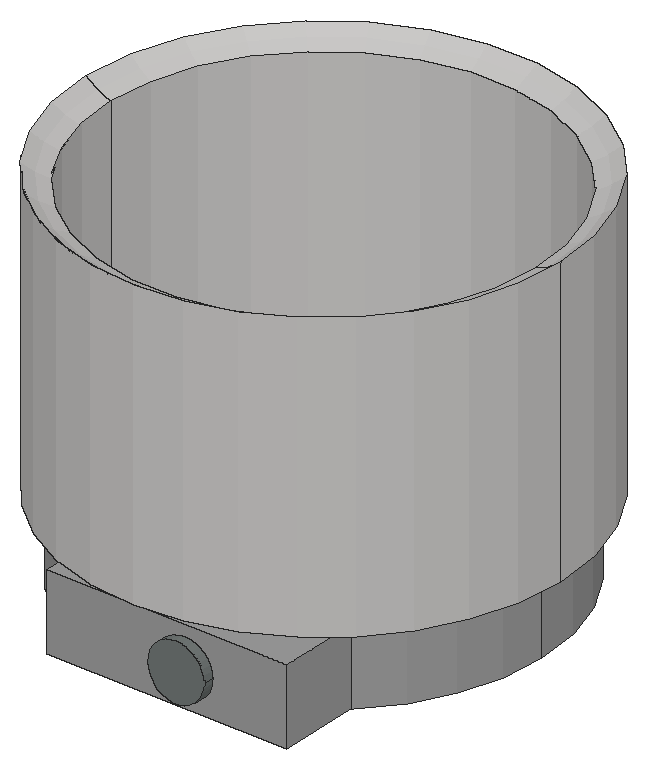
Revit family "QF_Vollrath 72521", category Specialty Equipment, Revit 2016
Family settings
  Part Type = Normal
  Round Connector Dimension = Use Diameter
  OmniClass Number = 23.40.40.11.21
  OmniClass Title = Hot Cabinets
  Work Plane-Based = No
  Always vertical = Yes
  Cut with Voids When Loaded = No
  Shared = No
  Room Calculation Point = No
Parameters (values of type "--")
  Width = 12.625"
  Weight in Pounds = 11.3
  Watts = 1450 W
  Watermarked By = "http://revitwatermark.com"
  Volts = 120 V
  URL Cutsheet = ""
  URL = "www.vollrathco.com"
  Status [instance] = ""
  Specification by User [instance] = ""
  Specification by Manufacturer = ""
  Serial Number [instance] = ""
  Seismic Rating [instance] = ""
  SMACNA No [instance] = ""
  Revision Code [instance] = ""
  Phase = 1
  Number of Poles [instance] = 1
  NAFEM Spec ID Number [instance] = ""
  Model = "72521"
  Masterspec = ""
  Manufacturer = "Vollrath"
  Item Number [instance] = ""
  Installed By [instance] = ""
  Height AFF [instance] = 18.75"
  Height [instance] = 9.625"
  Furnished By [instance] = ""
  Foodservice Equipment Identifier [instance] = yes
  FL Amps = 12 A
  Electrical Remarks [instance] = ""
  Electric Connection Type [instance] = ""
  Elec Conn RI Height [instance] = 0.00"
  Elec Conn Connection Height = 2.00"
  Description = "Warmer, Food Electric"
  Depth = 12.625"
  Cycle = 60 Hz
  Conn Plug = "NEMA 5-20P"
  CSI MasterFormat = "11 42 13"
  Assembly Code = "E1090320"
  Apparent Power = if(Phase = 3, Volts * FL Amps * 1.73, Volts * FL Amps)  # 1440 VA
Reference planes (in)
  plane 1: z = 0
  plane 2 "LEFT": x = 48
  plane 3 "BACK": y = -48
  plane 4 "BOTTOM": z = 18.75
  plane 5 "RIGHT": x = 60.625
  plane 6 "FRONT": y = -60.625
  plane 7: z = 26.5796
  plane 8 "TOP": z = 28.375
  plane 9: x = 58.52988
  plane 10: x = 50.8266
  plane 11: x = 50.99693
  plane 12: y = -65.45189
  plane 13: y = -65.50549
  plane 14: y = -66.38049
  plane 15: y = -66.44549
  plane 16: x = 56.69695
  plane 17: x = 54.3125
  plane 18: y = -54.3125
Forms (in)
  Extrusion 1, solid, material "QF_Finishes_Stainless Steel", not visible
    sketch origin (0, -75.61667, 13.94238) x (-1, 0, 0) y (0, 0.422618, 0.906308)
      loop
        line (-61.50401, 16.83949) -> (-49.55058, 16.83949) -> (-49.55058, 21.54291) -> (-61.50401, 21.54291) -> (-61.50401, 16.83949)
      loop
        circle (-51.11798, 19.07879) r 1.25
      loop
        circle (-51.11798, 19.07879) r 1
      loop
        line (-54.03077, 21.06689) -> (-57.03077, 21.06689) -> (-57.03077, 20.31689) -> (-54.03077, 20.31689) -> (-54.03077, 21.06689)
      loop
        circle (-54.03077, 17.5068) r 0.25
      loop
        circle (-56.78077, 17.5068) r 0.25
    from 0 to 0.68909
  Extrusion 2, solid, material "QF_Finishes_Black", not visible
    sketch origin (0, -75.54289, 2.05167) x (-1, 0, 0) y (0, 0.422618, 0.906308)
      loop
        circle (-51.11798, 29.82425) r 1.25
      loop
        circle (-51.11798, 29.82425) r 1
    from -5.0921 to -4.40301
  Extrusion 3, solid, material "QF_Finishes_Black", not visible
    sketch origin (0, -75.78725, 14.03463) x (-1, 0, 0) y (0, 0.406737, 0.913545)
      loop
        line (-57.03077, 21.03676) -> (-57.03077, 20.35703) -> (-54.03077, 20.35703) -> (-54.03077, 21.03676) -> (-57.03077, 21.03676)
      loop
        circle (-54.03077, 17.5068) r 0.25
      loop
        circle (-56.78077, 17.5068) r 0.25
    from 0.54411 to 1.25
  Extrusion 4, solid, material "QF_Finishes_Dark Grey", not visible
    sketch origin (0, -70.09177, 5.66795) x (-1, 0, 0) y (0, 0.422618, 0.906308)
      loop
        circle (-52.11896, 26.29929) r 0.25
      loop
        circle (-53.36896, 26.29929) r 0.25
      loop
        circle (-54.61896, 26.29929) r 0.25
      loop
        circle (-55.86896, 26.29929) r 0.25
      loop
        circle (-57.11896, 26.29929) r 0.25
      loop
        circle (-58.36896, 26.29929) r 0.25
    from 7.45399 to 7.92109
  Extrusion 5, solid, material "QF_Finishes_Stainless Steel", not visible
    sketch origin (0, -61.5, 0) x (-1, 0, 0) y (0, 0, 1)
      loop
        circle (-49.14244, 32.63817) r 0.1236
    from 0 to 12
  Extrusion 6, solid, material "QF_Finishes_Stainless Steel", not visible
    sketch origin (24.25, -61.5, 0) x (-1, 0, 0) y (0, 0, 1)
      loop
        circle (-49.14244, 32.63817) r 0.1236
    from 0 to 12
  Extrusion 7, solid, material "QF_Finishes_Stainless Steel", not visible
    sketch origin (0.75781, -61.5, 0) x (-1, 0, 0) y (0, 0, 1)
      loop
        circle (-49.14244, 32.63817) r 0.1236
    from 0 to 12
  Extrusion 8, solid, material "QF_Finishes_Stainless Steel", not visible
    sketch origin (1.51562, -61.5, 0) x (-1, 0, 0) y (0, 0, 1)
      loop
        circle (-49.14244, 32.63817) r 0.1236
    from 0 to 12
  Extrusion 9, solid, material "QF_Finishes_Stainless Steel", not visible
    sketch origin (2.27344, -61.5, 0) x (-1, 0, 0) y (0, 0, 1)
      loop
        circle (-49.14244, 32.63817) r 0.1236
    from 0 to 12
  Extrusion 10, solid, material "QF_Finishes_Stainless Steel", not visible
    sketch origin (3.03125, -61.5, 0) x (-1, 0, 0) y (0, 0, 1)
      loop
        circle (-49.14244, 32.63817) r 0.1236
    from 0 to 12
  Extrusion 11, solid, material "QF_Finishes_Stainless Steel", not visible
    sketch origin (3.78906, -61.5, 0) x (-1, 0, 0) y (0, 0, 1)
      loop
        circle (-49.14244, 32.63817) r 0.1236
    from 0 to 12
  Extrusion 12, solid, material "QF_Finishes_Stainless Steel", not visible
    sketch origin (4.54687, -61.5, 0) x (-1, 0, 0) y (0, 0, 1)
      loop
        circle (-49.14244, 32.63817) r 0.1236
    from 0 to 12
  Extrusion 13, solid, material "QF_Finishes_Stainless Steel", not visible
    sketch origin (5.30469, -61.5, 0) x (-1, 0, 0) y (0, 0, 1)
      loop
        circle (-49.14244, 32.63817) r 0.1236
    from 0 to 12
  Extrusion 14, solid, material "QF_Finishes_Stainless Steel", not visible
    sketch origin (6.0625, -61.5, 0) x (-1, 0, 0) y (0, 0, 1)
      loop
        circle (-49.14244, 32.63817) r 0.1236
    from 0 to 12
  Extrusion 15, solid, material "QF_Finishes_Stainless Steel", not visible
    sketch origin (6.82031, -61.5, 0) x (-1, 0, 0) y (0, 0, 1)
      loop
        circle (-49.14244, 32.63817) r 0.1236
    from 0 to 12
  Extrusion 16, solid, material "QF_Finishes_Stainless Steel", not visible
    sketch origin (7.57812, -61.5, 0) x (-1, 0, 0) y (0, 0, 1)
      loop
        circle (-49.14244, 32.63817) r 0.1236
    from 0 to 12
  Extrusion 17, solid, material "QF_Finishes_Stainless Steel", not visible
    sketch origin (8.33594, -61.5, 0) x (-1, 0, 0) y (0, 0, 1)
      loop
        circle (-49.14244, 32.63817) r 0.1236
    from 0 to 12
  Extrusion 18, solid, material "QF_Finishes_Stainless Steel", not visible
    sketch origin (9.09375, -61.5, 0) x (-1, 0, 0) y (0, 0, 1)
      loop
        circle (-49.14244, 32.63817) r 0.1236
    from 0 to 12
  Extrusion 19, solid, material "QF_Finishes_Stainless Steel", not visible
    sketch origin (9.85156, -61.5, 0) x (-1, 0, 0) y (0, 0, 1)
      loop
        circle (-49.14244, 32.63817) r 0.1236
    from 0 to 12
  Extrusion 20, solid, material "QF_Finishes_Stainless Steel", not visible
    sketch origin (10.60937, -61.5, 0) x (-1, 0, 0) y (0, 0, 1)
      loop
        circle (-49.14244, 32.63817) r 0.1236
    from 0 to 12
  Extrusion 21, solid, material "QF_Finishes_Stainless Steel", not visible
    sketch origin (11.36719, -61.5, 0) x (-1, 0, 0) y (0, 0, 1)
      loop
        circle (-49.14244, 32.63817) r 0.1236
    from 0 to 12
  Extrusion 22, solid, material "QF_Finishes_Stainless Steel", not visible
    sketch origin (12.125, -61.5, 0) x (-1, 0, 0) y (0, 0, 1)
      loop
        circle (-49.14244, 32.63817) r 0.1236
    from 0 to 12
  Extrusion 23, solid, material "QF_Finishes_Stainless Steel", not visible
    sketch origin (12.88281, -61.5, 0) x (-1, 0, 0) y (0, 0, 1)
      loop
        circle (-49.14244, 32.63817) r 0.1236
    from 0 to 12
  Extrusion 24, solid, material "QF_Finishes_Stainless Steel", not visible
    sketch origin (13.64062, -61.5, 0) x (-1, 0, 0) y (0, 0, 1)
      loop
        circle (-49.14244, 32.63817) r 0.1236
    from 0 to 12
  Extrusion 25, solid, material "QF_Finishes_Stainless Steel", not visible
    sketch origin (14.39844, -61.5, 0) x (-1, 0, 0) y (0, 0, 1)
      loop
        circle (-49.14244, 32.63817) r 0.1236
    from 0 to 12
  Extrusion 26, solid, material "QF_Finishes_Stainless Steel", not visible
    sketch origin (15.15625, -61.5, 0) x (-1, 0, 0) y (0, 0, 1)
      loop
        circle (-49.14244, 32.63817) r 0.1236
    from 0 to 12
  Extrusion 27, solid, material "QF_Finishes_Stainless Steel", not visible
    sketch origin (15.91406, -61.5, 0) x (-1, 0, 0) y (0, 0, 1)
      loop
        circle (-49.14244, 32.63817) r 0.1236
    from 0 to 12
  Extrusion 28, solid, material "QF_Finishes_Stainless Steel", not visible
    sketch origin (16.67187, -61.5, 0) x (-1, 0, 0) y (0, 0, 1)
      loop
        circle (-49.14244, 32.63817) r 0.1236
    from 0 to 12
  Extrusion 29, solid, material "QF_Finishes_Stainless Steel", not visible
    sketch origin (17.42969, -61.5, 0) x (-1, 0, 0) y (0, 0, 1)
      loop
        circle (-49.14244, 32.63817) r 0.1236
    from 0 to 12
  Extrusion 30, solid, material "QF_Finishes_Stainless Steel", not visible
    sketch origin (18.1875, -61.5, 0) x (-1, 0, 0) y (0, 0, 1)
      loop
        circle (-49.14244, 32.63817) r 0.1236
    from 0 to 12
  Extrusion 31, solid, material "QF_Finishes_Stainless Steel", not visible
    sketch origin (18.94531, -61.5, 0) x (-1, 0, 0) y (0, 0, 1)
      loop
        circle (-49.14244, 32.63817) r 0.1236
    from 0 to 12
  Extrusion 32, solid, material "QF_Finishes_Stainless Steel", not visible
    sketch origin (19.70312, -61.5, 0) x (-1, 0, 0) y (0, 0, 1)
      loop
        circle (-49.14244, 32.63817) r 0.1236
    from 0 to 12
  Extrusion 33, solid, material "QF_Finishes_Stainless Steel", not visible
    sketch origin (20.46094, -61.5, 0) x (-1, 0, 0) y (0, 0, 1)
      loop
        circle (-49.14244, 32.63817) r 0.1236
    from 0 to 12
  Extrusion 34, solid, material "QF_Finishes_Stainless Steel", not visible
    sketch origin (21.21875, -61.5, 0) x (-1, 0, 0) y (0, 0, 1)
      loop
        circle (-49.14244, 32.63817) r 0.1236
    from 0 to 12
  Extrusion 35, solid, material "QF_Finishes_Stainless Steel", not visible
    sketch origin (21.97656, -61.5, 0) x (-1, 0, 0) y (0, 0, 1)
      loop
        circle (-49.14244, 32.63817) r 0.1236
    from 0 to 12
  Extrusion 36, solid, material "QF_Finishes_Stainless Steel", not visible
    sketch origin (22.73437, -61.5, 0) x (-1, 0, 0) y (0, 0, 1)
      loop
        circle (-49.14244, 32.63817) r 0.1236
    from 0 to 12
  Extrusion 37, solid, material "QF_Finishes_Stainless Steel", not visible
    sketch origin (23.49219, -61.5, 0) x (-1, 0, 0) y (0, 0, 1)
      loop
        circle (-49.14244, 32.63817) r 0.1236
    from 0 to 12
  Extrusion 38, solid, material "QF_Finishes_Stainless Steel", not visible
    sketch origin (0, -63.31853, -5.50809) x (1, 0, 0) y (0, 0.5, 0.866025)
      loop
        line (51.72615, 27.93) -> (51.72615, 25.68) -> (67.6666, 25.68) -> (67.6666, 27.93) -> (51.72615, 27.93)
      loop
        line (51.88615, 27.77623) -> (51.88615, 25.78901) -> (67.52615, 25.78901) -> (67.52615, 27.77623) -> (51.88615, 27.77623)
    from 18.14569 to 18.5
  Extrusion 39, solid, material "QF_Finishes_Chrome", not visible
    sketch origin (0, -63.31853, -5.50809) x (1, 0, 0) y (0, 0.5, 0.866025)
      loop
        line (51.72615, 27.77623) -> (51.72615, 25.78901) -> (67.52615, 25.78901) -> (67.52615, 27.77623) -> (51.72615, 27.77623)
      loop
        line (51.89648, 27.66901) -> (51.89648, 25.91901) -> (67.36947, 25.91901) -> (67.36947, 27.66901) -> (51.89648, 27.66901)
    from 18.14569 to 18.5
  Extrusion 40, solid, material "QF_Finishes_Stainless Steel", not visible
    sketch origin (3, -63.31853, -5.50809) x (1, 0, 0) y (0, 0.5, 0.866025)
      loop
        line (55.07331, 27.05441) -> (55.07331, 26.55441) -> (56.82331, 26.55441) -> (56.82331, 27.05441) -> (55.07331, 27.05441)
      loop
        circle (53.94695, 26.80981) r 0.25
      loop
        circle (57.87771, 26.79276) r 0.25
      loop
        circle (59.12771, 26.79276) r 0.25
    from 18.14569 to 18.5
  Extrusion 41, solid, material "QF_Finishes_Stainless Steel", not visible
    sketch origin (0, -63.31853, -5.50809) x (1, 0, 0) y (0, 0.5, 0.866025)
      loop
        circle (56.94695, 26.80981) r 0.25
      loop
        circle (60.87771, 26.79276) r 0.25
      loop
        line (58.07331, 27.05441) -> (58.07331, 26.55441) -> (59.82331, 26.55441) -> (59.82331, 27.05441) -> (58.07331, 27.05441)
      loop
        circle (62.12771, 26.79276) r 0.25
    from 18.14569 to 18.5
  Extrusion 42, solid, material "QF_Finishes_Dark Grey", not visible
    sketch origin (0, -63.81619, -5.29253) x (1, 0, 0) y (0, 0.5, 0.866025)
      loop
        line (51.72615, 25.98116) -> (67.36947, 25.98116) -> (67.36947, 27.73116) -> (51.72615, 27.73116) -> (51.72615, 25.98116)
      loop
        circle (62.11833, 26.8549) r 0.25
      loop
        circle (60.86833, 26.8549) r 0.25
      loop
        line (59.81393, 26.61655) -> (59.81393, 27.11655) -> (58.06393, 27.11655) -> (58.06393, 26.61655) -> (59.81393, 26.61655)
      loop
        circle (56.93757, 26.87196) r 0.25
    from 17.96123 to 17.60693
  Revolve 43, solid, material "QF_Finishes_Stainless Steel"
    sketch origin (0, -54.3125, 0) x (1, 0, 0) y (0, 0, 1)
      loop
        line (54.3125, 20.75) -> (60.625, 20.75) -> (60.625, 28.375)
        arc (60.625, 28.375) -> (60.31715, 28.15822) -> (59.97548, 28) r 2.0966
        line (59.97548, 28) -> (59.97548, 21.375) -> (54.3125, 21.375) -> (54.3125, 20.75)
      axis (54.3125, 20.75) -> (54.3125, 28.375)
    angle from 0 to 360
  Revolve 44, solid, material "QF_Finishes_Grey"
    sketch origin (0, -54.3125, 0) x (1, 0, 0) y (0, 0, 1)
      loop
        line (54.3125, 20.75) -> (54.3125, 18.75) -> (60.12603, 18.75) -> (60.12603, 20.75) -> (54.3125, 20.75)
      axis (54.3125, 18.75) -> (54.3125, 20.75)
    angle from 0 to 360
  Extrusion 45, solid, material "QF_Finishes_Grey"
    sketch origin (0, -54.3125, 0) x (1, 0, 0) y (0, 0, 1)
      loop
        line (51.98162, 20.75) -> (51.98162, 18.75) -> (58.37, 18.75) -> (58.37, 20.75) -> (51.98162, 20.75)
    from 4.06377 to 6.29329
  Extrusion 46, solid, material "QF_Finishes_Black"
    sketch origin (0, -54.3125, 0) x (1, 0, 0) y (0, 0, 1)
      loop
        circle (55.64691, 19.71932) r 0.75
    from 4.79329 to 6.56377
Lines and regions (in)
  symbolic lines
    curve 1: arc (60.625, -54.3125, 0) -> (54.3125, -48, 0) -> (48, -54.3125, 0) r 6.3125
    curve 2: arc (48, -54.3125, 0) -> (54.3125, -60.625, 0) -> (60.625, -54.3125, 0) r 6.3125
    curve 3: arc (48.49897, -54.3125, 0) -> (54.3125, -60.12603, 0) -> (60.12603, -54.3125, 0) r 5.81353
    curve 4: arc (60.12603, -54.3125, 0) -> (54.3125, -48.49897, 0) -> (48.49897, -54.3125, 0) r 5.81353
Dimensions and locks (in)
  "Height AFF": plane 4 "BOTTOM" to level
  "Depth": plane 6 "FRONT" to plane 3 "BACK"
  "Height": plane 8 "TOP" to plane 4 "BOTTOM"
  equal spacing: plane 6 "FRONT", plane 18, plane 3 "BACK"
  equal spacing: plane 2 "LEFT", plane 17, plane 5 "RIGHT"
  "Width": plane 2 "LEFT" to plane 5 "RIGHT"
  aligned and locked: level to plane 1
  aligned and locked: Extrusion 2 sketch curve to Extrusion 1  (x4)
  aligned and locked: Extrusion 39 sketch curve to Extrusion 38
  aligned and locked: Extrusion 38 to Extrusion 39 sketch curve
  aligned and locked: Extrusion 41 sketch curve to Extrusion 40  (x2)
  aligned and locked: Extrusion 39 to Extrusion 42 sketch curve
  aligned and locked: Extrusion 42 sketch curve to Extrusion 39
  aligned and locked: Extrusion 41 to Extrusion 42 sketch curve
  aligned and locked: Extrusion 42 sketch curve to Extrusion 41
  aligned and locked: Extrusion 42 to Extrusion 39
  aligned and locked: Extrusion 39 to plane 15
  aligned and locked: Extrusion 42 to plane 14
  aligned and locked: plane 12 to Extrusion 39
  aligned and locked: plane 13 to Extrusion 42
Automatic sketch dimensions
  Extrusion 1 sketch curve to Extrusion 1 sketch curve = 0.00"  (x5)
  Extrusion 1 sketch curve to Extrusion 1 sketch curve = 4.47324"
  Extrusion 1 sketch curve to Extrusion 1 sketch curve = 0.25"
  Extrusion 1 sketch curve to Extrusion 1 sketch curve = 3.00"
  Extrusion 1 sketch curve to Extrusion 1 sketch curve = 2.75"
  Extrusion 1 sketch curve to Extrusion 1 sketch curve = 1.56739"
  Extrusion 1 sketch curve to Extrusion 1 sketch curve = 0.66732"
  Extrusion 1 sketch curve to Extrusion 1 sketch curve = 2.2393"
  Extrusion 1 sketch curve to Extrusion 1 sketch curve = 2.81008"
  Extrusion 1 sketch curve to Extrusion 1 sketch curve = 0.75"
  Extrusion 3 sketch curve to Extrusion 3 sketch curve = 3.00"
  Extrusion 1 sketch curve to Extrusion 1 sketch curve = 2.46412"
  Extrusion 3 sketch curve to Extrusion 3 sketch curve = 0.00"  (x6)
  Extrusion 3 sketch curve to Extrusion 3 sketch curve = 0.25"  (x2)
  Extrusion 3 sketch curve to Extrusion 3 sketch curve = 2.25"
  Extrusion 3 sketch curve to Extrusion 3 sketch curve = 2.85023"
  Extrusion 3 sketch curve to Extrusion 3 sketch curve = 0.67973"
  Extrusion 1 sketch curve to Extrusion 1 sketch curve = 2.9128"
  Extrusion 4 sketch curve to Extrusion 4 sketch curve = 1.25"  (x5)
  Extrusion 4 sketch curve to Extrusion 4 sketch curve = 0.00"  (x5)
  Extrusion 38 sketch curve to Extrusion 38 sketch curve = 0.10901"
  Extrusion 38 sketch curve to Extrusion 38 sketch curve = 1.98721"
  Extrusion 38 sketch curve to Extrusion 38 sketch curve = 0.15377"
  Extrusion 39 sketch curve to Extrusion 39 sketch curve = 0.17033"
  Extrusion 39 sketch curve to Extrusion 39 sketch curve = 0.13"
  Extrusion 39 sketch curve to Extrusion 39 sketch curve = 0.10721"
  Extrusion 40 sketch curve to Extrusion 40 sketch curve = 1.12636"
  Extrusion 40 sketch curve to Extrusion 40 sketch curve = 1.75"
  Extrusion 40 sketch curve to Extrusion 40 sketch curve = 1.0544"
  Extrusion 40 sketch curve to Extrusion 40 sketch curve = 1.25"
  Extrusion 40 sketch curve to Extrusion 40 sketch curve = 0.23835"
  Extrusion 40 sketch curve to Extrusion 40 sketch curve = 0.00"
  Extrusion 40 sketch curve to Extrusion 40 sketch curve = 0.25541"
  Extrusion 40 sketch curve to Extrusion 40 sketch curve = 0.50"
  Extrusion 38 sketch curve to Extrusion 38 sketch curve = 0.16"
  Extrusion 38 sketch curve to Extrusion 38 sketch curve = 15.64"
  Extrusion 38 sketch curve to Extrusion 38 sketch curve = 0.14045"
  Extrusion 39 sketch curve to Extrusion 39 sketch curve = 15.473"
  Extrusion 39 sketch curve to Extrusion 39 sketch curve = 0.15668"
  Extrusion 42 sketch curve to Extrusion 42 sketch curve = 4.96142"
  Extrusion 42 sketch curve to Extrusion 42 sketch curve = 5.00115"
  Extrusion 42 sketch curve to plane 9 = 0.46596"
  Extrusion 42 sketch curve to Extrusion 42 sketch curve = 0.8044"
  Extrusion 42 sketch curve to Extrusion 42 sketch curve = 0.87636"
  Extrusion 42 sketch curve to Extrusion 42 sketch curve = 0.25"  (x3)
  plane 9 to Extrusion 42 sketch curve = 1.28404"
  Extrusion 42 sketch curve to Extrusion 42 sketch curve = 0.75"
  Extrusion 42 sketch curve to Extrusion 42 sketch curve = 0.23835"
  Extrusion 42 sketch curve to Extrusion 42 sketch curve = 0.00"
  Extrusion 42 sketch curve to Extrusion 42 sketch curve = 0.24459"
  Extrusion 41 sketch curve to plane 9 = 0.45657"
  Extrusion 41 sketch curve to Extrusion 41 sketch curve = 0.8044"
  Extrusion 41 sketch curve to Extrusion 41 sketch curve = 0.00"  (x7)
  Extrusion 41 sketch curve to Extrusion 41 sketch curve = 0.87636"
  Extrusion 41 sketch curve to Extrusion 41 sketch curve = 0.25"  (x3)
  plane 9 to Extrusion 41 sketch curve = 1.29343"
  Extrusion 41 sketch curve to Extrusion 41 sketch curve = 0.75"
  Extrusion 41 sketch curve to Extrusion 41 sketch curve = 0.23835"
  Extrusion 41 sketch curve to Extrusion 41 sketch curve = 0.24459"
  Revolve 43 sketch curve to plane 17 = 0.00"  (x2)
  Revolve 43 sketch curve to plane 5 "RIGHT" = 0.00"
  Revolve 43 sketch curve to plane 8 "TOP" = 0.00"
  Revolve 43 sketch curve to plane 5 "RIGHT" = 1.35615"
  Revolve 43 sketch curve to plane 8 "TOP" = 0.375"
  Revolve 43 sketch curve to plane 5 "RIGHT" = 0.64952"
  plane 4 "BOTTOM" to Revolve 43 sketch curve = 2.625"
  Revolve 43 sketch curve to Revolve 43 sketch curve = 0.625"
  Revolve 43 sketch curve to Revolve 43 sketch curve = 0.75"
  plane 8 "TOP" to Revolve 43 sketch curve = 1.50"
  Revolve 44 sketch curve to plane 17 = 0.00"  (x2)
  Revolve 44 sketch curve to plane 4 "BOTTOM" = 0.00"
  Revolve 44 sketch curve to plane 5 "RIGHT" = 0.49897"
  Revolve 44 sketch curve to plane 4 "BOTTOM" = 1.75"
  Revolve 44 sketch curve to Revolve 44 sketch curve = 2.00"
  Revolve 44 sketch curve to Revolve 44 sketch curve = 3.00"
  Extrusion 45 sketch curve to plane 4 "BOTTOM" = 0.00"
  Extrusion 45 sketch curve to plane 17 = 2.33088"
  Extrusion 45 sketch curve to plane 5 "RIGHT" = 2.255"
  Extrusion 45 sketch curve to Extrusion 45 sketch curve = 2.00"
  plane 17 to Extrusion 46 sketch curve = 1.33441"
  plane 4 "BOTTOM" to Extrusion 46 sketch curve = 0.96932"
  curve 2 to plane 2 "LEFT" = 0.00"
  curve 2 to plane 17 = 0.00"
  curve 1 to plane 18 = 0.00"
  curve 1 to curve 3 = 0.00"  (x2)
  plane 2 "LEFT" to curve 3 = 0.49897"
  radius of Extrusion 1 sketch curve = 1.25"
  radius of Extrusion 1 sketch curve = 1.00"
  radius of Extrusion 1 sketch curve = 0.25"  (x2)
  radius of Extrusion 4 sketch curve = 0.25"  (x6)
  radius of Extrusion 5 sketch curve = 0.1236"
  radius of Extrusion 6 sketch curve = 0.1236"
  radius of Extrusion 7 sketch curve = 0.1236"
  radius of Extrusion 8 sketch curve = 0.1236"
  radius of Extrusion 9 sketch curve = 0.1236"
  radius of Extrusion 10 sketch curve = 0.1236"
  radius of Extrusion 11 sketch curve = 0.1236"
  radius of Extrusion 12 sketch curve = 0.1236"
  radius of Extrusion 13 sketch curve = 0.1236"
  radius of Extrusion 14 sketch curve = 0.1236"
  radius of Extrusion 15 sketch curve = 0.1236"
  radius of Extrusion 16 sketch curve = 0.1236"
  radius of Extrusion 17 sketch curve = 0.1236"
  radius of Extrusion 18 sketch curve = 0.1236"
  radius of Extrusion 19 sketch curve = 0.1236"
  radius of Extrusion 20 sketch curve = 0.1236"
  radius of Extrusion 21 sketch curve = 0.1236"
  radius of Extrusion 22 sketch curve = 0.1236"
  radius of Extrusion 23 sketch curve = 0.1236"
  radius of Extrusion 24 sketch curve = 0.1236"
  radius of Extrusion 25 sketch curve = 0.1236"
  radius of Extrusion 26 sketch curve = 0.1236"
  radius of Extrusion 27 sketch curve = 0.1236"
  radius of Extrusion 28 sketch curve = 0.1236"
  radius of Extrusion 29 sketch curve = 0.1236"
  radius of Extrusion 30 sketch curve = 0.1236"
  radius of Extrusion 31 sketch curve = 0.1236"
  radius of Extrusion 32 sketch curve = 0.1236"
  radius of Extrusion 33 sketch curve = 0.1236"
  radius of Extrusion 34 sketch curve = 0.1236"
  radius of Extrusion 35 sketch curve = 0.1236"
  radius of Extrusion 36 sketch curve = 0.1236"
  radius of Extrusion 37 sketch curve = 0.1236"
  radius of Extrusion 40 sketch curve = 0.25"  (x3)
  radius of Extrusion 46 sketch curve = 0.75"
